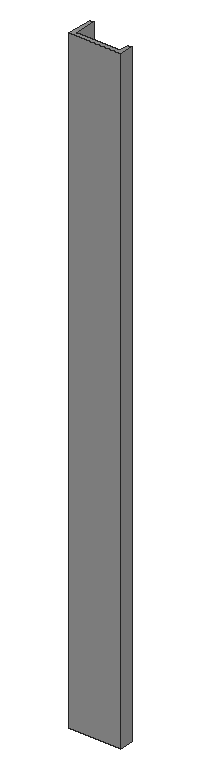
Revit family "Curved Walls U-Profile", category Generic Models, Revit 2016
Family settings
  Part Type = Normal
  Can host rebar = No
  Round Connector Dimension = Use Diameter
  Work Plane-Based = Yes
  Always vertical = No
  Cut with Voids When Loaded = No
  Shared = No
  Room Calculation Point = No
Parameters (values of type "5/8" Thk. x 4" H1 x 8" W x 2" H2")
  URL = "www.curvedwalls.ca"
  Manufacturer = "Curved Walls Inc"
  Length (8', 9' & 10' Standard) [instance] = 8' - 0"
  GWB Thickness (1/2", 5/8") = 0' - 0 5/8"
  Description = "Prefabricated Drywall Profiles"
  Default Elevation = 0' - 0"
  C (Min 2", Max A+B+C=54") = 0' - 2"
  Blocking Visible [instance] = yes
  B (Min 2", Max A+B+C=54") = 0' - 8"
  A (Min 2", Max A+B+C=54" = 0' - 4"
Types (2): name | GWB Thickness (1/2", 5/8") | C (Min 2", Max A+B+C=54") | Blocking Visible | A (Min 2", Max A+B+C=54"
  1/2" Thk. x 8" H1 x 8" W x 8" H2 | 0' - 0 1/2" | 0' - 8" | no | 0' - 8"
  5/8" Thk. x 4" H1 x 8" W x 2" H2 | 0' - 0 5/8" | 0' - 2" | yes | 0' - 4"
Reference planes (in)
  plane 1 "Center (Front/Back)": y = 0
  plane 2: z = 0
  plane 3 "Center (Left/Right)": x = 0
  plane 4: y = 0.625
  plane 5: x = 3.6875
  plane 6: x = 4.3125
  plane 7: x = -3.6875
  plane 8: x = -3.0625
  plane 9: y = 2
  plane 10: y = 4
  plane 11: z = 96
Forms (in)
  Extrusion 1, solid, material "Gypsum Wall Board - Curved Walls"
    sketch origin (0, 0, 0) x (1, 0, 0) y (0, 1, 0)
      loop
        line (-3.6875, 4) -> (-3.6875, 0) -> (4.3125, 0) -> (4.3125, 2) -> (3.6875, 2) -> (3.6875, 0.625) -> (-3.0625, 0.625) -> (-3.0625, 4) -> (-3.6875, 4)
    from 0 to 96
Dimensions and locks (in)
  "GWB Thickness (1/2", 5/8")": plane 1 "Center (Front/Back)" to plane 4
  "GWB Thickness (1/2", 5/8")": plane 5 to plane 6
  "GWB Thickness (1/2", 5/8")": plane 7 to plane 8
  equal spacing: plane 7, plane 3 "Center (Left/Right)", plane 5
  "C (Min 2", Max A+B+C=54")": plane 1 "Center (Front/Back)" to plane 9
  "A (Min 2", Max A+B+C=54"": plane 1 "Center (Front/Back)" to plane 10
  "B (Min 2", Max A+B+C=54")": plane 7 to plane 6
  "Length (8', 9' & 10' Standard)": plane 11 to plane 2
  aligned and locked: plane 2 to level
  aligned and locked: Extrusion 1 sketch curve to plane 7
  aligned and locked: Extrusion 1 sketch curve to plane 1 "Center (Front/Back)"
  aligned and locked: Extrusion 1 sketch curve to plane 6
  aligned and locked: plane 9 to Extrusion 1 sketch curve
  aligned and locked: Extrusion 1 sketch curve to plane 5
  aligned and locked: Extrusion 1 sketch curve to plane 4
  aligned and locked: Extrusion 1 sketch curve to plane 8
  aligned and locked: Extrusion 1 sketch curve to plane 10
  aligned and locked: plane 11 to Extrusion 1
  aligned and locked: plane 1 "Center (Front/Back)" to nested 1
  aligned and locked: nested 1 to Extrusion 1
  aligned and locked: nested 1 to nested 2
  aligned and locked: nested 2 to nested 1
  aligned and locked: plane 9 to nested 3
  aligned and locked: nested 3 to plane 5
Nested families (in)
  nested 1: "U-Bend Detail Component" at (0.3125, 0, 0), type "1/2" Thick Drywall", detail levels fine
  nested 2: "M_Nominal Cut Lumber-Section" at (-1.5625, 4, 0) x (-1, 0, 0) z (0, 0, 1), visible <- "Blocking Visible", type "1.5" x 1.5"", detail levels medium+fine
  nested 3: "M_Nominal Cut Lumber-Section" at (3.6875, 2, 0) x (-1, 0, 0) z (0, 0, 1), visible <- "Blocking Visible", type "1.5" x 1.5"", detail levels medium+fine
Definition of nested family "U-Bend Detail Component"
  Parameters (values of type "1/2" Thick Drywall")
    Drywall Thickness (1/2", 5/8") = 0' - 0 1/2"
    C (A+B+C=Max 54") = 0' - 8"
    B (A+B+C=Max 54") = 0' - 8"
    A (A+B+C=Max 54") = 0' - 8"
  Reference planes (in)
    plane 1 "Center (Front/Back)": y = 0
    plane 2: z = 0
    plane 3 "Center (Left/Right)": x = 0
    plane 4: x = -3.5
    plane 5: x = 3.5
    plane 6: y = 0.5
    plane 7: x = -4
    plane 8: x = 4
    plane 9: y = 8
    plane 10: y = 8
  Lines and regions (in)
    Filled region 1, type "Gypsum", in view "Ref. Level"
      outline origin (0, 0, 0) x (1, 0, 0) y (0, 1, 0)
        loop
          line (-4, 8) -> (-4, 0) -> (4, 0) -> (4, 8) -> (3.5, 8) -> (3.5, 0.5) -> (-3.5, 0.5) -> (-3.5, 8) -> (-4, 8)
  Dimensions and locks (in)
    "Drywall Thickness (1/2", 5/8")": plane 5 to plane 8
    "Drywall Thickness (1/2", 5/8")": plane 7 to plane 4
    "B (A+B+C=Max 54")": plane 7 to plane 8
    equal spacing: plane 7, plane 3 "Center (Left/Right)", plane 8
    "Drywall Thickness (1/2", 5/8")": plane 1 "Center (Front/Back)" to plane 6  (x2)
    "A (A+B+C=Max 54")": plane 1 "Center (Front/Back)" to plane 10
    "C (A+B+C=Max 54")": plane 9 to plane 1 "Center (Front/Back)"
    aligned and locked: Filled region 1 sketch curve to plane 7
    aligned and locked: Filled region 1 sketch curve to plane 1 "Center (Front/Back)"
    aligned and locked: Filled region 1 sketch curve to plane 8
    aligned and locked: Filled region 1 sketch curve to plane 5
    aligned and locked: Filled region 1 sketch curve to plane 6
    aligned and locked: Filled region 1 sketch curve to plane 4
    aligned and locked: Filled region 1 sketch curve to plane 10
    aligned and locked: Filled region 1 sketch curve to plane 9
Definition of nested family "M_Nominal Cut Lumber-Section"
  Parameters (values of type "1.5" x 1.5"")
    Width = 0' - 1 1/2"
    Depth = 0' - 1 1/2"
  Reference planes (in)
    plane 1 "Center (Front/Back)": y = 0
    plane 2: z = 0
    plane 3 "Center (Left/Right)": x = 0
    plane 4: y = 1.5
    plane 5: x = 1.5
  Lines and regions (in)
    Masking region 1, in view "Ground floor"
      outline origin (0, 0, 0) x (1, 0, 0) y (0, 1, 0)
        loop
          line (0, 1.5) -> (0, 0) -> (1.5, 0) -> (1.5, 1.5) -> (0, 1.5)
    detail lines, in view "Ground floor"
      curve 1: line (1.5, 1.5, 0) -> (0, 0, 0)
      curve 2: line (1.5, 0, 0) -> (0, 1.5, 0)
  Dimensions and locks (in)
    "Width": plane 3 "Center (Left/Right)" to plane 5
    "Depth": plane 4 to plane 1 "Center (Front/Back)"
    aligned and locked: Masking region 1 sketch curve to plane 1 "Center (Front/Back)"
    aligned and locked: plane 5 to Masking region 1 sketch curve
    aligned and locked: Masking region 1 sketch curve to plane 4
    aligned and locked: plane 3 "Center (Left/Right)" to Masking region 1 sketch curve
    aligned and locked: Masking region 1 to curve 1  (x2)
    aligned and locked: curve 2 to Masking region 1  (x2)
  Automatic sketch dimensions
    curve 2 to plane 1 "Center (Front/Back)" = 0' - 0"
    curve 1 to plane 1 "Center (Front/Back)" = 0' - 0"
    curve 2 to plane 4 = 0' - 0"
    curve 1 to plane 4 = 0' - 0"
